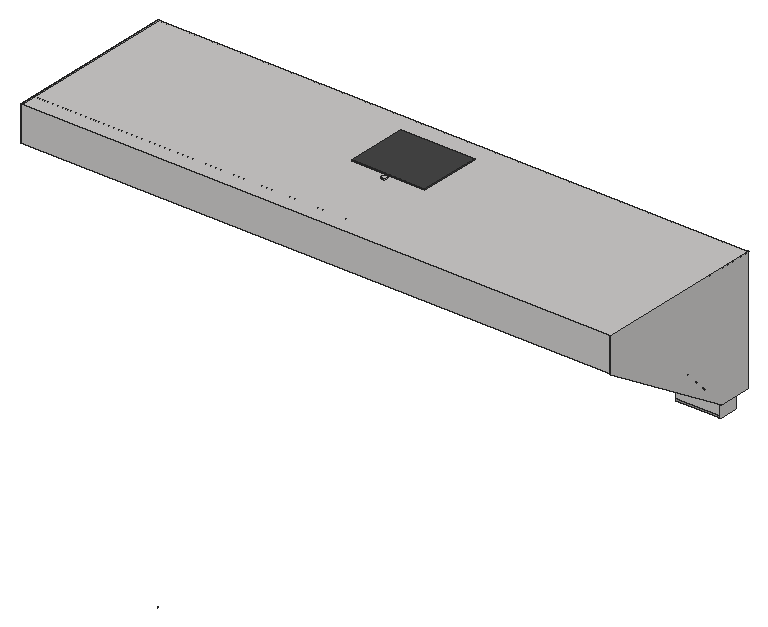
Revit family "QF_ELECTROLUXPROFESSIONAL_644202_AMPV724DT", category Specialty Equipment, Revit 2014
Reference planes
  plane 1: z = 0
  plane 2 "Center (Left/Right)": x = 150
  plane 3 "LEFT": x = -1050
  plane 4 "RIGHT": x = 1350
  plane 5 "BACK": y = 550
  plane 6 "Plane": z = 2000
  plane 7 "TOP": z = 2140
  plane 8 "Base": z = 1640
  plane 9: z = 1566
  plane 10 "DrainY": y = 485
  plane 11: x = -1047
  plane 12: through (0, 414.509, 1640.8) normal (0, 0.7314, 0.682)
  plane 13: y = 470
  plane 14: y = 220
  plane 15 "DrainX": x = 1230
  plane 16: x = 300
  plane 17: x = 0
  plane 18: x = 1347
  plane 19: x = 1140
  plane 20: x = 1320
  plane 21: x = -1010
  plane 22: x = -645
  plane 23: x = -450
  plane 24: x = 1310
  plane 25: x = 945
  plane 26: x = 750
  plane 27: x = -47.5
  plane 28: x = 347.5
  plane 29 "Center (Front/Back)": y = 200
  plane 30 "Front": y = -150
Forms (mm)
  Extrusion 1, solid, material "QF_Finishes_Stainless Steel"
    sketch origin (-1050, 0, 0) x (0, 1, 0) y (0, 0, 1)
      loop
        line (550, 1640) -> (550, 2140) -> (-150, 2140) -> (-150, 1999.112) -> (413.973, 1640) -> (550, 1640)
    from 0 to 3
  Extrusion 2, solid, material "QF_Finishes_Stainless Steel"
    sketch origin (150, 0, 0) x (0, 1, 0) y (0, 0, 1)
      loop
        line (415.255, 1640) -> (550, 1640) -> (550, 2139.19) -> (549.2, 2139.19) -> (549.2, 1640.8) -> (415.876, 1640.8) -> (339.347, 1722.867) -> (349.609, 1732.436) -> (348.927, 1733.167) -> (337.934, 1722.917) -> (415.255, 1640)
      loop
        line (-82.203, 2139.19) -> (-82.203, 2118.6) -> (-31.047, 2118.6) -> (34.354, 2048.466) -> (46.028, 2059.352) -> (45.346, 2060.083) -> (34.403, 2049.879) -> (-30.612, 2119.6) -> (-81.203, 2119.6) -> (-81.203, 2139.19) -> (-82.203, 2139.19)
    from -1197 to 1197
  Extrusion 3, solid, material "QF_Finishes_Stainless Steel"
    sketch origin (1350, 0, 0) x (0, 1, 0) y (0, 0, 1)
      loop
        line (550, 1640) -> (550, 2140) -> (-150, 2140) -> (-150, 1999.112) -> (413.973, 1640) -> (550, 1640)
    from 0 to -3
  Extrusion 4, solid, material "QF_Finishes_Stainless Steel"
    sketch origin (150, 0, 0) x (0, 1, 0) y (0, 0, 1)
      loop
        line (-150, 2140) -> (-150, 2000) -> (-149.2, 2000) -> (-149.2, 2139.19) -> (550, 2139.19) -> (550, 2140) -> (-150, 2140)
    from -1200 to 1200
  Extrusion 5, solid, material "QF_Finishes_Stainless Steel"
    sketch origin (150, 0, 0) x (0, 1, 0) y (0, 0, 1)
      loop
        line (534, 1640) -> (436, 1640) -> (436, 1627) -> (443.5, 1627) -> (443.5, 1576)
        arc (443.5, 1576) -> (446.429, 1568.929) -> (453.5, 1566) r 10
        line (453.5, 1566) -> (516.5, 1566)
        arc (516.5, 1566) -> (523.571, 1568.929) -> (526.5, 1576) r 10
        line (526.5, 1576) -> (526.5, 1627) -> (534, 1627) -> (534, 1640)
    from 990 to 1170
  Extrusion 6, solid, material "QF_Finishes_Stainless Steel"
    sketch origin (0, 0, 1640) x (0, 1, 0) y (-1, 0, 0)
      loop
        circle (485, -1230) r 20
    from -76 to -74
  Extrusion 7, solid, material "QF_Finished_Chrome"
    sketch origin (150, 0, 0) x (0, 1, 0) y (0, 0, 1)
      loop
        line (337.934, 1722.917) -> (341.591, 1726.327) -> (38.011, 2051.876) -> (34.354, 2048.466) -> (337.934, 1722.917)
    from -795 to -1160
  Extrusion 8, solid, material "QF_Finished_Chrome"
    sketch origin (150, 0, 0) x (0, 1, 0) y (0, 0, 1)
      loop
        line (337.934, 1722.917) -> (341.591, 1726.327) -> (38.011, 2051.876) -> (34.354, 2048.466) -> (337.934, 1722.917)
    from -197.5 to -600
  Extrusion 9, solid, material "QF_Finishes_Stainless Steel"
    sketch origin (150, 0, 0) x (0, 1, 0) y (0, 0, 1)
      loop
        line (337.934, 1722.917) -> (341.591, 1726.327) -> (38.011, 2051.876) -> (34.354, 2048.466) -> (337.934, 1722.917)
    from 1197 to 1160
  Extrusion 10, solid, material "QF_Finishes_Stainless Steel"
    sketch origin (150, 0, 0) x (0, 1, 0) y (0, 0, 1)
      loop
        line (341.588, 1726.324) -> (38.009, 2051.874) -> (34.354, 2048.466) -> (337.934, 1722.917) -> (341.588, 1726.324)
    from -795 to -600
  Extrusion 11, solid, material "QF_Finished_Chrome"
    sketch origin (150, 0, 0) x (0, 1, 0) y (0, 0, 1)
      loop
        line (341.588, 1726.324) -> (38.009, 2051.874) -> (34.354, 2048.466) -> (337.934, 1722.917) -> (341.588, 1726.324)
    from 795 to 1160
  Extrusion 12, solid, material "QF_Finishes_Black"
    sketch origin (0, 0, 2140) x (0, 1, 0) y (-1, 0, 0)
      loop
        line (470, 0) -> (220, 0) -> (220, -300) -> (470, -300) -> (470, 0)
    from 5 to 0
  Extrusion 13, solid, material "QF_Finishes_Stainless Steel"
    sketch origin (0, 0, 0) x (1, 0, 0) y (0, 1, 0)
      loop
        line (-1050, 550) -> (-1050, 549) -> (-1049, 549) -> (-1049, 550) -> (-1050, 550)
    from 0 to 1
  Extrusion 14, solid, material "QF_Finishes_Stainless Steel"
    sketch origin (150, 0, 0) x (0, 1, 0) y (0, 0, 1)
      loop
        line (337.934, 1722.917) -> (341.591, 1726.327) -> (38.011, 2051.876) -> (34.354, 2048.466) -> (337.934, 1722.917)
    from -1160 to -1197
  Extrusion 15, solid, material "QF_Finishes_Stainless Steel"
    sketch origin (150, 0, 0) x (0, 1, 0) y (0, 0, -1)
      loop
        line (341.588, -1726.324) -> (337.934, -1722.917) -> (34.354, -2048.466) -> (38.009, -2051.874) -> (341.588, -1726.324)
    from -795 to -600
  Extrusion 16, solid, material "QF_Finished_Chrome"
    sketch origin (150, 0, 0) x (0, 1, 0) y (0, 0, 1)
      loop
        line (337.934, 1722.917) -> (341.591, 1726.327) -> (38.011, 2051.876) -> (34.354, 2048.466) -> (337.934, 1722.917)
    from 600 to 197.5
  Extrusion 17, solid, material "QF_Finishes_Stainless Steel"
    sketch origin (150, 0, 0) x (0, 1, 0) y (0, 0, -1)
      loop
        line (341.588, -1726.324) -> (337.934, -1722.917) -> (34.354, -2048.466) -> (38.009, -2051.874) -> (341.588, -1726.324)
    from -197.5 to 197.5
  Extrusion 18, solid, material "QF_Finishes_Stainless Steel"
    sketch origin (0, 0, 2140) x (0, 1, 0) y (-1, 0, 0)
      loop
        circle (200, -150) r 10
    from 0 to 2
Cuts and joins
  joined: Extrusion 2, Extrusion 4
Lines and regions (mm)
  reference lines
    curve 1: line (150, 34.354, 2048.466) -> (150, 34.354, 1888.466)
  symbolic lines, style "SpecialityEquipment", detail levels coarse
    curve 2: line (1350, 550, 2140) -> (-1050, 550, 2140)
    curve 3: line (-1050, 550, 2140) -> (-1050, -150, 2140)
    curve 4: line (1350, -150, 2140) -> (1350, 550, 2140)
    curve 5: line (-1050, -150, 2140) -> (1350, -150, 2140)
    curve 6: line (0, 220, 2140) -> (300, 220, 2140)
    curve 7: line (0, 470, 2140) -> (0, 220, 2140)
    curve 8: line (300, 470, 2140) -> (0, 470, 2140)
    curve 9: line (300, 220, 2140) -> (300, 470, 2140)
  symbolic lines, detail levels coarse
    curve 10: line (-1050, -150, 2140) -> (1350, 550, 2140)
    curve 11: line (-1050, 550, 2140) -> (1350, -150, 2140)
Dimensions and locks
  plane 3 "LEFT" to plane 4 "RIGHT" = 2400 mm
  equal spacing: plane 3 "LEFT", plane 2 "Center (Left/Right)", plane 4 "RIGHT"
  locked: plane 6 "Plane" to level at 2000
  plane 7 "TOP" to plane 6 "Plane" = 140 mm
  locked: plane 7 "TOP" to plane 8 "Base" at 500
  plane 8 "Base" to plane 9 = 74 mm
  plane 5 "BACK" to plane 10 "DrainY" = 65 mm  (x2)
  plane 3 "LEFT" to plane 11 = 3 mm
  plane 5 "BACK" to plane 13 = 80 mm
  plane 13 to plane 14 = 250 mm  (x2)
  plane 15 "DrainX" to plane 4 "RIGHT" = 120 mm
  plane 18 to plane 4 "RIGHT" = 3 mm
  locked: plane 19 to plane 15 "DrainX" at 90
  locked: plane 15 "DrainX" to plane 20 at 90
  plane 13 to plane 5 "BACK" = 80 mm
  locked: plane 3 "LEFT" to plane 21 at 40
  locked: plane 21 to plane 22 at 365
  locked: plane 22 to plane 23 at 195
  locked: plane 24 to plane 25 at 365
  locked: plane 25 to plane 26 at 195
  locked: plane 24 to plane 4 "RIGHT" at 40
  locked: plane 27 to plane 28 at 395
  equal spacing: plane 27, plane 2 "Center (Left/Right)", plane 28
  locked: plane 17 to plane 16 at 300
  equal spacing: plane 17, plane 2 "Center (Left/Right)", plane 16
  plane 23 to plane 27 = 402.5 mm
  plane 28 to plane 26 = 402.5 mm
  locked: plane 5 "BACK" to plane 30 "Front" at 700
  equal spacing: plane 5 "BACK", plane 29 "Center (Front/Back)", plane 30 "Front"
  plane 5 "BACK" to plane 30 "Front" = 700 mm
  aligned and locked: level to plane 1
  aligned and locked: Extrusion 2 to Extrusion 1
  aligned and locked: Extrusion 2 to Extrusion 3
  aligned and locked: plane 4 "RIGHT" to Extrusion 4
  aligned and locked: Extrusion 4 to plane 3 "LEFT"
  aligned and locked: plane 18 to Extrusion 9
  aligned and locked: plane 17 to Extrusion 12
  aligned and locked: Extrusion 12 to plane 16
  aligned and locked: Extrusion 12 to plane 14
  aligned and locked: Extrusion 12 to plane 13
  aligned and locked: Extrusion 2 to Extrusion 4
  aligned and locked: plane 20 to Extrusion 5
  aligned and locked: Extrusion 5 to plane 19
  aligned and locked: Extrusion 9 to plane 24
  aligned and locked: Extrusion 11 to plane 24
  aligned and locked: Extrusion 11 to plane 25
  aligned and locked: Extrusion 8 to plane 23
  aligned and locked: plane 23 to Extrusion 10
  aligned and locked: Extrusion 10 to plane 22
  aligned and locked: plane 22 to Extrusion 7
  aligned and locked: Extrusion 7 to plane 21
  aligned and locked: Extrusion 14 to plane 11
  aligned and locked: plane 21 to Extrusion 14
  aligned and locked: Extrusion 15 to plane 26
  aligned and locked: Extrusion 15 to plane 25
  aligned and locked: Extrusion 3 to plane 18
  aligned and locked: plane 27 to Extrusion 8
  aligned and locked: Extrusion 16 to plane 26
  aligned and locked: Extrusion 16 to plane 28
  aligned and locked: plane 28 to Extrusion 17
  aligned and locked: Extrusion 17 to plane 27
Automatic sketch dimensions
  Extrusion 2 sketch curve to plane 12 = 0 mm  (x3)
  Extrusion 2 sketch curve to plane 8 "Base" = 0 mm
  plane 12 to Extrusion 2 sketch curve = 0 mm
  Extrusion 2 sketch curve to plane 5 "BACK" = 0 mm
  Extrusion 2 sketch curve to Extrusion 2 sketch curve = 65.646 mm
  Extrusion 2 sketch curve to Extrusion 2 sketch curve = 0.682 mm  (x2)
  Extrusion 2 sketch curve to Extrusion 2 sketch curve = 10.261 mm
  plane 8 "Base" to Extrusion 2 sketch curve = 82.917 mm
  Extrusion 2 sketch curve to Extrusion 2 sketch curve = 10.942 mm
  Extrusion 2 sketch curve to Extrusion 2 sketch curve = 0.049 mm
  Extrusion 2 sketch curve to plane 7 "TOP" = 20.4 mm
  Extrusion 2 sketch curve to plane 7 "TOP" = 21.4 mm
  Extrusion 2 sketch curve to plane 7 "TOP" = 0.81 mm  (x2)
  Extrusion 2 sketch curve to Extrusion 2 sketch curve = 50.156 mm
  Extrusion 2 sketch curve to Extrusion 2 sketch curve = 1 mm
  plane 8 "Base" to Extrusion 2 sketch curve = 0.8 mm
  Extrusion 2 sketch curve to plane 5 "BACK" = 0.8 mm
  Extrusion 4 sketch curve to plane 6 "Plane" = 0 mm
  Extrusion 4 sketch curve to plane 5 "BACK" = 0 mm
  Extrusion 4 sketch curve to plane 7 "TOP" = 0 mm
  Extrusion 4 sketch curve to plane 7 "TOP" = 0.81 mm
  curve 1 to plane 12 = 0 mm
  curve 1 to plane 6 "Plane" = 111.534 mm
  Extrusion 5 sketch curve to plane 8 "Base" = 0 mm
  Extrusion 5 sketch curve to plane 9 = 0 mm
  Extrusion 5 sketch curve to plane 8 "Base" = 13 mm  (x2)
  plane 13 to Extrusion 5 sketch curve = 34 mm
  Extrusion 5 sketch curve to Extrusion 5 sketch curve = 7.5 mm  (x2)
  Extrusion 5 sketch curve to Extrusion 5 sketch curve = 10 mm
  plane 10 "DrainY" to Extrusion 5 sketch curve = 31.5 mm
  Extrusion 5 sketch curve to plane 5 "BACK" = 23.5 mm
  Extrusion 6 sketch curve to plane 10 "DrainY" = 0 mm
  Extrusion 6 sketch curve to plane 15 "DrainX" = 0 mm
  Extrusion 7 sketch curve to plane 12 = 0 mm  (x2)
  Extrusion 7 sketch curve to Extrusion 7 sketch curve = 3.657 mm
  plane 8 "Base" to Extrusion 7 sketch curve = 82.917 mm
  Extrusion 8 sketch curve to plane 12 = 0 mm  (x2)
  Extrusion 8 sketch curve to Extrusion 8 sketch curve = 3.657 mm
  plane 8 "Base" to Extrusion 8 sketch curve = 82.917 mm
  Extrusion 9 sketch curve to plane 12 = 0 mm  (x2)
  Extrusion 9 sketch curve to Extrusion 9 sketch curve = 3.657 mm
  plane 8 "Base" to Extrusion 9 sketch curve = 82.917 mm
  Extrusion 10 sketch curve to plane 12 = 0 mm  (x2)
  Extrusion 10 sketch curve to Extrusion 10 sketch curve = 3.655 mm
  plane 8 "Base" to Extrusion 10 sketch curve = 82.917 mm
  Extrusion 11 sketch curve to plane 12 = 0 mm  (x2)
  Extrusion 11 sketch curve to Extrusion 11 sketch curve = 3.655 mm
  plane 8 "Base" to Extrusion 11 sketch curve = 82.917 mm
  Extrusion 12 sketch curve to plane 14 = 0 mm
  plane 13 to Extrusion 12 sketch curve = 0 mm
  Extrusion 12 sketch curve to plane 16 = 0 mm
  Extrusion 12 sketch curve to plane 17 = 0 mm
  Extrusion 13 sketch curve to plane 3 "LEFT" = 0 mm
  Extrusion 13 sketch curve to plane 5 "BACK" = 0 mm
  plane 3 "LEFT" to Extrusion 13 sketch curve = 1 mm
  Extrusion 13 sketch curve to Extrusion 13 sketch curve = 1 mm
  Extrusion 14 sketch curve to plane 12 = 0 mm  (x2)
  Extrusion 14 sketch curve to Extrusion 14 sketch curve = 3.657 mm
  plane 8 "Base" to Extrusion 14 sketch curve = 82.917 mm
  Extrusion 15 sketch curve to plane 12 = 0 mm  (x2)
  Extrusion 15 sketch curve to Extrusion 15 sketch curve = 3.655 mm
  plane 8 "Base" to Extrusion 15 sketch curve = 82.917 mm
  Extrusion 16 sketch curve to plane 12 = 0 mm  (x2)
  Extrusion 16 sketch curve to Extrusion 16 sketch curve = 3.657 mm
  plane 8 "Base" to Extrusion 16 sketch curve = 82.917 mm
  Extrusion 17 sketch curve to plane 12 = 0 mm  (x2)
  Extrusion 17 sketch curve to Extrusion 17 sketch curve = 3.655 mm
  plane 8 "Base" to Extrusion 17 sketch curve = 82.917 mm
  Extrusion 4 sketch curve to Extrusion 4 sketch curve = 0.8 mm
  plane 6 "Plane" to Extrusion 2 sketch curve = 48.466 mm
  Extrusion 4 sketch curve to plane 14 = 369.2 mm
  curve 1 to plane 14 = 185.646 mm
  plane 6 "Plane" to Extrusion 7 sketch curve = 51.876 mm
  plane 6 "Plane" to Extrusion 8 sketch curve = 51.876 mm
  plane 6 "Plane" to Extrusion 9 sketch curve = 51.876 mm
  plane 6 "Plane" to Extrusion 10 sketch curve = 51.874 mm
  plane 6 "Plane" to Extrusion 11 sketch curve = 51.874 mm
  plane 6 "Plane" to Extrusion 14 sketch curve = 51.876 mm
  plane 6 "Plane" to Extrusion 15 sketch curve = 51.874 mm
  plane 6 "Plane" to Extrusion 16 sketch curve = 51.876 mm
  plane 6 "Plane" to Extrusion 17 sketch curve = 51.874 mm
  Extrusion 1 sketch curve to plane 5 "BACK" = 0 mm
  Extrusion 1 sketch curve to plane 7 "TOP" = 0 mm
  plane 13 to Extrusion 1 sketch curve = 56.027 mm
  Extrusion 3 sketch curve to plane 30 "Front" = 0 mm
  Extrusion 3 sketch curve to plane 8 "Base" = 0 mm
  Extrusion 3 sketch curve to plane 5 "BACK" = 0 mm
  Extrusion 3 sketch curve to plane 7 "TOP" = 0 mm
  plane 13 to Extrusion 3 sketch curve = 56.027 mm
  Extrusion 3 sketch curve to plane 6 "Plane" = 0.888 mm
  Extrusion 1 sketch curve to plane 30 "Front" = 0 mm
  Extrusion 1 sketch curve to plane 8 "Base" = 0 mm
  Extrusion 1 sketch curve to plane 6 "Plane" = 0.888 mm
  Extrusion 18 sketch curve to plane 2 "Center (Left/Right)" = 0 mm
  Extrusion 18 sketch curve to plane 29 "Center (Front/Back)" = 0 mm
  curve 11 to plane 4 "RIGHT" = 0 mm
  curve 10 to plane 30 "Front" = 0 mm
  curve 7 to plane 14 = 0 mm
  plane 13 to curve 7 = 0 mm
  curve 3 to plane 5 "BACK" = 0 mm
  curve 11 to plane 3 "LEFT" = 0 mm
  curve 9 to plane 16 = 0 mm
  curve 7 to plane 17 = 0 mm
  radius of Extrusion 6 sketch curve = 20 mm
  radius of Extrusion 18 sketch curve = 10 mm
Connectors
  piping at (1230, 485, 1564), diameter 20
    settings: on Extrusion 6, index 1, connector inside diameter 609.6 mm, connector length 0 mm, flow factor 0, pipe flow 0.0 L/s, pressure drop 0.0 Pa, fitting loss kfactor 0, connector angle 0.00°, fixture units 0, engagement length 0 mm, angle of deflection 0.00°, flow configuration 1, flow direction 2, fitting loss method 0, system type 16, joint type 0, gender type 0, connector reference index -1, connector utility 0, adjustable connector no, is connector primary yes, connector description "Drain"
  hvac at (150, 345, 2145)
    settings: on Extrusion 12, index 2, duct flow 0.0 L/s, flow factor 0, pres drop 0.0 Pa, loss coef 0, conn angle 0.00°, conn width 250 mm, conn height 300 mm, conn diameter 609.6 mm, duct sys type 3, conn prof type 1, flow config 1, flow direction 0, loss method 0, conn ref index -1, conn util no, is conn primary yes, conn desc "EXHAUST OUTLET"
  electrical at (150, 200, 2142)
    settings: on Extrusion 18, index 3, voltage 0 V, apparent load 0 VA, apparent load phase1 0 VA, apparent load phase2 0 VA, apparent load phase3 0 VA, power factor 1, load classification "Other", number of poles 1, system type 30, power factor state 1, is connector primary yes, connector utility no, sub classification motor no, connector description "Electrical connection"
